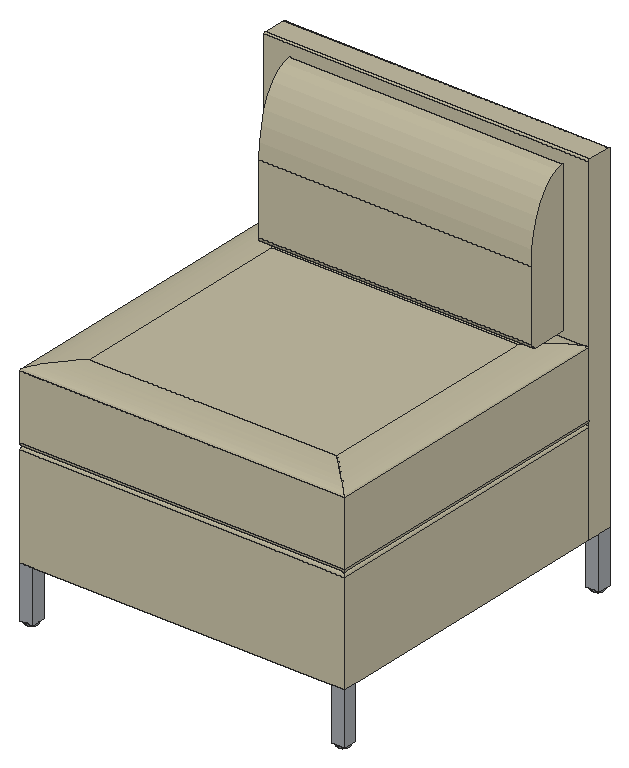
Revit family
Parameters
  URL = "http://www.martinbrattrud.com"
  SCS Certified Product = "Yes"
  Model = "Bristol 248-01H"
  Manufacturer = "Martin Brattrud, Inc."
  Keynote = "125000"
  Copyright = "© 2013 Martin Brattrud, Inc."
  Chair [instance] = none
  Back Cushion [instance] = none
  Authoring Version = "Revit Architecture 2010"
  Assembly Code = "E2020200"
Reference planes (in)
  plane 1 "Center Front/Back": y = 0
  plane 2: z = 0
  plane 3 "Center Left/Right": x = 0
Forms (in)
  Extrusion 1, solid, material <- "Back Cushion"
    sketch origin (0, 0, 0) x (0, 1, 0) y (0, 0, 1)
      loop
        line (7.75, 23.75) -> (7.75, 18.375)
        arc (7.75, 18.375) -> (7.859835, 18.109835) -> (8.125, 18) r 0.375
        line (8.125, 18) -> (10.75, 18) -> (10.75, 29.5)
        spline (10.75, 29.5) -> (10.3584214, 29.450808) -> (9.9735429, 29.3040735) -> (9.6019497, 29.0623073) -> (9.25, 28.7296461) -> (8.9237157, 28.3117817) -> (8.6286797, 27.815864) -> (8.36994, 27.2503782) -> (8.1519238, 26.625) -> (7.9783614, 25.9504297) -> (7.8522225, 25.2382095) -> (7.7756654, 24.5005256) -> (7.75, 23.75)
    from -10.5 to 10.5
  Extrusion 2, solid, material <- "Chair"
    sketch origin (0, 0, 0) x (0, 1, 0) y (0, 0, 1)
      loop
        line (12.625, 30.5) -> (10.875, 30.5)
        arc (10.875, 30.5) -> (10.7866117, 30.4633883) -> (10.75, 30.375) r 0.125
        line (10.75, 30.375) -> (10.75, 4.25) -> (12.75, 4.25) -> (12.75, 30.375)
        arc (12.75, 30.375) -> (12.7133883, 30.4633883) -> (12.625, 30.5) r 0.125
    from -12.5 to 12.5
  Sweep 3, solid, material <- "Chair"
    path in 3D
      loop
        line (12.5, -12.75, 0) -> (12.5, 10.75, 0) -> (-12.5, 10.75, 0) -> (-12.5, -12.75, 0) -> (12.5, -12.75, 0)
    profile origin (0, -12.75, 0) x (0, 1, 0) y (0, 0, 1)
      loop
        line (0.0039062, 17.5) -> (10.75, 17.5) -> (10.75, 18) -> (3.0039063, 18)
        spline (3.0039063, 18) -> (2.6123277, 17.9957224) -> (2.2274491, 17.9829629) -> (1.855856, 17.9619398) -> (1.5039063, 17.9330127) -> (1.177622, 17.8966767) -> (0.8825859, 17.8535534) -> (0.6238462, 17.8043807) -> (0.40583, 17.75) -> (0.2322677, 17.6913417) -> (0.1061288, 17.6294095) -> (0.0295717, 17.5652631) -> (0.0039062, 17.5)
  Extrusion 4, solid, material <- "Chair"
    sketch origin (0, 0, 0) x (1, 0, 0) y (0, 1, 0)
      loop
        line (-1.75, -2) -> (1.75, -2) -> (1.75, 0) -> (-1.75, 0) -> (-1.75, -2)
    from 4.25 to 12.25
  Extrusion 5, solid, material <- "Chair"
    sketch origin (0, 0, 0) x (1, 0, 0) y (0, 1, 0)
      loop
        line (-1.75, -2) -> (1.75, -2) -> (1.75, 0) -> (-1.75, 0) -> (-1.75, -2)
    from 12.25 to 17.5
  Sweep 6, solid, material <- "Chair"
    path in 3D
      loop
        line (12.5, -12.75, 0) -> (12.5, 10.75, 0) -> (-12.5, 10.75, 0) -> (-12.5, -12.75, 0) -> (12.5, -12.75, 0)
    profile origin (0, -12.75, 0) x (0, 1, 0) y (0, 0, 1)
      loop
        line (0, 12) -> (0, 4.25) -> (10.75, 4.25) -> (10.75, 12.25) -> (0.25, 12.25)
        arc (0.25, 12.25) -> (0.0732233, 12.1767767) -> (0, 12) r 0.25
  Sweep 7, solid, material <- "Chair"
    path origin (0, 0, 0) x (1, 0, 0) y (0, 1, 0)
      loop
        line (-12.5, -12.75) -> (12.5, -12.75) -> (12.5, 10.75) -> (-12.5, 10.75) -> (-12.5, -12.75)
    profile origin (0, -12.75, 0) x (0, 1, 0) y (0, 0, 1)
      loop
        line (0, 17.5) -> (0, 12.5)
        arc (0, 12.5) -> (0.0732233, 12.3232233) -> (0.25, 12.25) r 0.25
        line (0.25, 12.25) -> (10.75, 12.25) -> (10.75, 17.5) -> (0, 17.5)
  Extrusion 8, solid, material <- "Chair"
    sketch origin (0, 0, 0) x (1, 0, 0) y (0, 1, 0)
      loop
        line (-1.75, 0) -> (-1.75, -2) -> (1.75, -2) -> (1.75, 0) -> (-1.75, 0)
    from 17.5 to 18
Cuts and joins
  joined: Extrusion 4, Sweep 6
  joined: Sweep 3, Extrusion 8
  joined: Extrusion 5, Sweep 7
Lines and regions (in)
  sketch lines
    curve 1: line (-12.5, -12.75, 0) -> (12.5, -12.75, 0)
    curve 2: line (12.5, -12.75, 0) -> (12.5, 10.75, 0)
    curve 3: line (-12.5, 10.75, 0) -> (12.5, 10.75, 0)
    curve 4: line (-12.5, 10.75, 0) -> (-12.5, -12.75, 0)
    curve 5: line (-12.5, -12.75, 0) -> (12.5, -12.75, 0)
    curve 6: line (12.5, -12.75, 0) -> (12.5, 10.75, 0)
    curve 7: line (-12.5, 10.75, 0) -> (12.5, 10.75, 0)
    curve 8: line (-12.5, 10.75, 0) -> (-12.5, -12.75, 0)
Nested families (in)
  nested 1: "Bristol Leg" at (-12, -12.25, 0), type "Bristol Leg"
  nested 2: "Bristol Leg" at (-12, 12.25, 0), type "Bristol Leg"
  nested 3: "Bristol Leg" at (12, 12.25, 0), type "Bristol Leg"
  nested 4: "Bristol Leg" at (12, -12.25, 0), type "Bristol Leg"
Definition of nested family "Bristol Leg"
  Parameters
    URL = "http://www.martinbrattrud.com"
    SCS Certified Product = ""
    Model = ""
    Leg = none
    Manufacturer = "Martin Brattrud, Inc."
    Keynote = "125000"
    Copyright = "© 2013 Martin Brattrud, Inc."
    Authoring Version = "Revit Architecture 2010"
    Assembly Code = "E2020200"
  Reference planes (in)
    plane 1 "Center Front/Back": y = 0
    plane 2: z = 0
    plane 3 "Center Left/Right": x = 0
  Forms (in)
    Extrusion 1, solid, material <- "Leg"
      sketch origin (0, 0, 0) x (1, 0, 0) y (0, 1, 0)
        loop
          line (-0.5, 0.5) -> (-0.5, -0.5) -> (0.5, -0.5) -> (0.5, 0.5) -> (-0.5, 0.5)
      from 0.25 to 4.25
    Revolve 2, solid, material <- "Leg"
      sketch origin (0, 0, 0) x (0, 1, 0) y (0, 0, 1)
        loop
          line (0, 0) -> (0.25, 0)
          arc (0.25, 0) -> (0.4267767, 0.0732233) -> (0.5, 0.25) r 0.25
          line (0.5, 0.25) -> (0, 0.25) -> (0, 0)
        axis (0, 0.25) -> (0, 0)
      angle from 0 to 360
